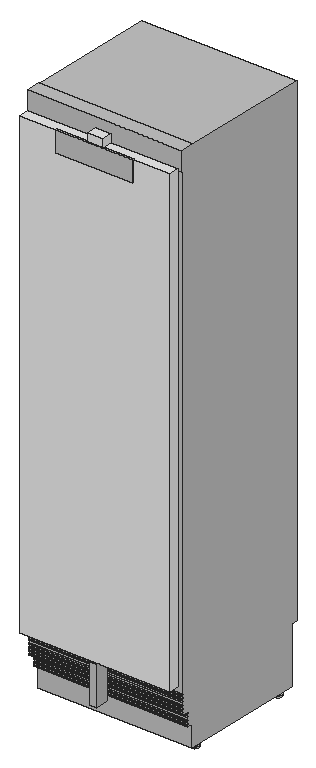
Revit family "FP_Revit_18_RS6121SRHK1_Fridge_90001103A", category Specialty Equipment, Revit 2018
Family settings
  Round Connector Dimension = Use Diameter
  Part Type = Normal
  OmniClass Number = 23.40.40.11.11
  OmniClass Title = Refrigerators and Freezers
  Work Plane-Based = No
  Always vertical = Yes
  Cut with Voids When Loaded = Yes
  Shared = No
  Room Calculation Point = No
Parameters (values of type "RS6121SRHK1")
  Visibility - Water Connection = yes
  Visibility - Visibility Control Note = yes
  Visibility - Clearance Required = yes
  URL = "www.fisherpaykel.com"
  Stainless Steel Door Panels (RD6121R10D) = no
  Product - Width = 603 mm  # constant formula
  Product - Height = 2134 mm  # constant formula
  Product - Depth (exl front panel) = 610 mm  # constant formula
  Model = "RS6121SRHK1"
  Material - Handle = Fisher & Paykel - Aluminium
  Material - Door Structure = Fisher & Paykel - White
  Material - Door Front = Fisher & Paykel - Stainless Steel
  Material - Body = Fisher & Paykel - Grey
  Manufacturer = "Fisher & Paykel Appliances"
  Handle Style - Contemporary Square (AHD3-RD21) = no
  Handle Style - Contemporary Round (AHS-RD21) = no
  Description = "61cm Integrated Column Refrigerator with internal water, stainless steel interior"
  Connector Description - Water = "1/2 BSP Stainless steel braided hose"
  Connector Description - Electrical = "230 V, 10 amp fused electrical supply"
  Cavity - Width = 610 mm  # constant formula
  Cavity - Height = 2134 mm  # constant formula
  Cavity - Depth = 650 mm  # constant formula
Types (3, lengths in mm): name | Visibility - Water Connection | Model | Description | Connector Description - Water
  (no name) | yes | "RS6121SRHK1" | "61cm Integrated Column Refrigerator with internal water, stainless steel interior" | "1/2 BSP Stainless steel braided hose"
  RS6121SRK1 | no | "RS6121SRK1" | "61cm Integrated Column Refrigerator, stainless steel interior" | "Water Supply not required"
  RS6121SRHK1 | yes | "RS6121SRHK1" | "61cm Integrated Column Refrigerator with internal water, stainless steel interior" | "1/2 BSP Stainless steel braided hose"
Reference planes
  plane 1 "Datum": y = 0
  plane 2: z = 0
  plane 3 "Center (Left/Right)": x = 0
  plane 4 "Product LHS": x = -301.5
  plane 5 "Product RHS": x = 301.5
  plane 6 "Product - Depth": y = 610
  plane 7 "Cavity LHS": x = -305
  plane 8 "Cavity RHS": x = 305
  plane 9 "Cavity - Depth": y = 628
  plane 10 "Handle Offset": x = -238.5
  plane 11 "Product Height": z = 2134
  plane 12 "Cavity Height": z = 2134
  plane 13 "Door Panel Datum": y = -4.1
Forms (mm)
  Extrusion 1, solid, material "Fisher & Paykel - Grey" <- "Material - Body", detail levels fine
    sketch origin (0, 0, 0) x (0, 1, 0) y (0, 0, 1)
      loop
        line (100.1, 19.1) -> (587.9, 19.1) -> (587.9, 239.7) -> (610, 239.7) -> (610, 2131.9) -> (105.1, 2131.9) -> (105.1, 2134) -> (49.9, 2134) -> (49.9, 2059) -> (56, 2059) -> (56, 228.6) -> (59.5, 228.6) -> (59.5, 219.7) -> (56.5, 219.7) -> (56.5, 215.9) -> (59.5, 215.9) -> (59.5, 207) -> (56.5, 207) -> (56.5, 203.2) -> (59.5, 203.2) -> (59.5, 194.3) -> (56.5, 194.3) -> (56.5, 190.5) -> (59.5, 190.5) -> (59.5, 181.6) -> (56.5, 181.6) -> (56.5, 177.8) -> (59.5, 177.8) -> (59.5, 168.9) -> (56.5, 168.9) -> (56.5, 165.1) -> (59.5, 165.1) -> (59.5, 156.2) -> (56.5, 156.2) -> (56.5, 152.4) -> (84.1, 152.4) -> (84.1, 143.5) -> (81.1, 143.5) -> (81.1, 139.7) -> (84.1, 139.7) -> (84.1, 130.8) -> (81.1, 130.8) -> (81.1, 127) -> (84.1, 127) -> (84.1, 118.1) -> (81.1, 118.1) -> (81.1, 114.3) -> (84.1, 114.3) -> (84.1, 105.4) -> (81.1, 105.4) -> (81.1, 101.6) -> (100.1, 101.6) -> (100.1, 19.1)
    from -301.5 to 301.5
  Extrusion 2, solid, material "Fisher & Paykel - Grey" <- "Material - Body"
    sketch origin (0, 0, 0) x (1, 0, 0) y (0, 1, 0)
      loop
        circle (-281, 547.8) r 4.1
      loop
        circle (-281, 141.8) r 4.1
      loop
        circle (281, 547.8) r 4.1
      loop
        circle (281, 141.8) r 4.1
    from 3 to 19.1
  Extrusion 3, solid, material "Fisher & Paykel - Grey" <- "Material - Body"
    sketch origin (0, 0, 0) x (1, 0, 0) y (0, 1, 0)
      loop
        circle (-281, 547.8) r 14.5
      loop
        circle (-281, 141.8) r 14.555
      loop
        circle (281, 547.8) r 14.5
      loop
        circle (281, 141.8) r 14.555
    from 0 to 3
  Extrusion 4, solid, material "Fisher & Paykel - Grey" <- "Material - Body", detail levels fine
    sketch origin (0, 0, 0) x (1, 0, 0) y (0, 1, 0)
      loop
        line (-7.5, 49) -> (-13.797, -4.1) -> (13.797, -4.1) -> (7.5, 49) -> (-7.5, 49)
    from 104.2 to 254.2
  Extrusion 5, solid, material "Fisher & Paykel - Grey" <- "Material - Body", not visible, detail levels fine
    sketch origin (0, 0, 0) x (1, 0, 0) y (0, 0, 1)
      loop
        line (289.9, 2123.15) -> (95.42, 2123.15) -> (95.42, 2081.05) -> (289.9, 2081.05) -> (289.9, 2123.15)
    from -49 to -2.5
  Extrusion 6, solid, material "Fisher & Paykel - Grey" <- "Material - Body", detail levels fine
    sketch origin (0, 0, 0) x (0, 1, 0) y (0, 0, 1)
      loop
        line (0, 2070.6) -> (0, 1988.6) -> (2, 1988.6) -> (2, 2068.6) -> (4, 2068.6) -> (4, 2070.6) -> (0, 2070.6)
    from -150 to 150
  Extrusion 7, solid, material "Fisher & Paykel - Grey" <- "Material - Body"
    sketch origin (0, 0, 0) x (1, 0, 0) y (0, 0, 1)
      loop
        circle (226.5, 119.813) r 5
      loop
        circle (-226.5, 119.813) r 5
    from -590 to -587.9
  Extrusion 8, solid, material "Fisher & Paykel - White" <- "Material - Door Structure"
    sketch origin (0, 0, 0) x (1, 0, 0) y (0, 1, 0)
      loop
        line (-276.5, 56) -> (-276.5, 42) -> (276.5, 42) -> (276.5, 56) -> (-276.5, 56)
    from 269.6 to 2030.7
  Extrusion 9, solid, material "Fisher & Paykel - White" <- "Material - Door Structure"
    sketch origin (0, 0, 0) x (1, 0, 0) y (0, 1, 0)
      loop
        line (-292.9, 42) -> (-292.9, 3) -> (292.9, 3) -> (292.9, 42) -> (-292.9, 42)
    from 254.2 to 2068.6
  Extrusion 10, solid, material "Fisher & Paykel - White" <- "Material - Door Structure", detail levels fine
    sketch origin (0, 0, 0) x (1, 0, 0) y (0, 0, 1)
      loop
        line (-29.5, 2100.1) -> (-29.5, 2068.6) -> (29.5, 2068.6) -> (29.5, 2100.1) -> (-29.5, 2100.1)
    from -42 to -3
  Extrusion 11, solid, material "Fisher & Paykel - Stainless Steel" <- "Material - Door Front", visible <- "Stainless Steel Door Panels (RD6121R10D)"
    sketch origin (0, 0, 0) x (0, 1, 0) y (0, 0, 1)
      loop
        line (-22.1, 2130.8) -> (-22.1, 102) -> (-4.1, 102) -> (-4.1, 2130.8) -> (-22.1, 2130.8)
    from -301.5 to 301.5
  Extrusion 12, solid, material "Fisher & Paykel - Grey" <- "Material - Body", detail levels coarse+medium
    sketch origin (0, 0, 0) x (0, 1, 0) y (0, 0, 1)
      loop
        line (49.9, 2134) -> (49.9, 2059) -> (56, 2059) -> (56, 152.4) -> (81.1, 152.4) -> (81.1, 101.6) -> (100.1, 101.6) -> (100.1, 19.1) -> (587.9, 19.1) -> (587.9, 239.7) -> (610, 239.7) -> (610, 2134) -> (49.9, 2134)
    from -301.5 to 301.5
  Extrusion 13, solid, material "Fisher & Paykel - Clearance Required", visible <- "Visibility - Clearance Required", detail levels coarse
    sketch origin (0, 0, 0) x (1, 0, 0) y (0, 1, 0)
      loop
        arc (-301.5, -22.1) -> (-13.376, -547.171) -> (584.28, -586.183) r 622.5
        line (584.28, -586.183) -> (565.051, -544.946) -> (589.549, -533.523)
        arc (589.549, -533.523) -> (598.013, -510.267) -> (574.757, -501.802) r 17.5
        line (574.757, -501.802) -> (550.259, -513.225) -> (329.441, -39.678)
        arc (329.441, -39.678) -> (310.616, -38.605) -> (301.5, -22.1) r 19.5
        line (301.5, -22.1) -> (-301.5, -22.1)
    from 0 to 2134
  Extrusion 14, solid, material "Fisher & Paykel - Grey" <- "Material - Body", not visible, detail levels fine
    sketch origin (0, 0, 0) x (1, 0, 0) y (0, 0, 1)
      loop
        line (289.9, 187.65) -> (289.9, 229.75) -> (95.42, 229.75) -> (95.42, 187.65) -> (289.9, 187.65)
    from -56 to -2.5
  Extrusion 15, solid, material "Fisher & Paykel - Grey" <- "Material - Body", detail levels fine
    sketch origin (0, 0, -4) x (0, 1, 0) y (0, 0, 1)
      loop
        arc (163.888, 23.1) -> (180.4, 13.63) -> (196.912, 23.1) r 19.13
        line (196.912, 23.1) -> (163.888, 23.1)
      loop
        arc (493.888, 23.1) -> (510.4, 13.63) -> (526.912, 23.1) r 19.13
        line (526.912, 23.1) -> (493.888, 23.1)
    from 191 to 219
  Extrusion 16, solid, material "Fisher & Paykel - Grey" <- "Material - Body", detail levels fine
    sketch origin (0, 0, -4) x (0, 1, 0) y (0, 0, -1)
      loop
        line (163.888, -23.1) -> (196.912, -23.1)
        arc (196.912, -23.1) -> (180.4, -13.63) -> (163.888, -23.1) r 19.13
      loop
        line (493.888, -23.1) -> (526.912, -23.1)
        arc (526.912, -23.1) -> (510.4, -13.63) -> (493.888, -23.1) r 19.13
    from 191 to 219
  Extrusion 17, solid, material "Fisher & Paykel - Clearance Required", visible <- "Visibility - Clearance Required", detail levels coarse
    sketch origin (0, 0, 0) x (1, 0, 0) y (0, 1, 0)
      loop
        line (-305, 628) -> (-305, -4.1) -> (305, -4.1) -> (305, 628) -> (-305, 628)
    from 0 to 2134
  Extrusion 18, void
    sketch origin (0, 0, 0) x (1, 0, 0) y (0, 1, 0)
      loop
        line (-305, 628) -> (-305, -22) -> (305, -22) -> (305, 628) -> (-305, 628)
    from 0 to 2134
  Extrusion 19, solid, material "Fisher & Paykel - Grey" <- "Material - Body", not visible, detail levels fine
    sketch origin (0, 0, 0) x (1, 0, 0) y (0, 0, 1)
      loop
        line (118.4, 254.2) -> (118.4, 229.75) -> (282.9, 229.75) -> (282.9, 254.2) -> (118.4, 254.2)
      loop
        line (106, 2081.05) -> (106, 2068.6) -> (282.9, 2068.6) -> (282.9, 2076.05) -> (242.9, 2081.05) -> (106, 2081.05)
    from -7 to -4
Lines and regions (mm)
  model lines, style "Fisher & Paykel"
    curve 1: line (-301.5, -4.1, 2130.8) -> (301.5, -4.1, 2130.8)
    curve 2: line (-301.5, -4.1, 102) -> (-301.5, -4.1, 2130.8)
    curve 3: line (301.5, -4.1, 102) -> (-301.5, -4.1, 102)
    curve 4: line (301.5, -4.1, 2130.8) -> (301.5, -4.1, 102)
Text (mm)
  text "Due to ongoing product development, product details are subject to change without notice. \nPlease always refer to www.fisherpaykel.com for the most current product information. \n© Fisher & Paykel 2020" at (41.04, -678.295, 0), in view "Ref. Level (Plan)"
Dimensions and locks
  equal spacing: plane 4 "Product LHS", plane 3 "Center (Left/Right)", plane 5 "Product RHS"
  "Product - Width": plane 4 "Product LHS" to plane 5 "Product RHS"
  "Product - Depth (exl front panel)": plane 1 "Datum" to plane 6 "Product - Depth"
  equal spacing: plane 7 "Cavity LHS", plane 3 "Center (Left/Right)", plane 8 "Cavity RHS"
  "Cavity - Width": plane 7 "Cavity LHS" to plane 8 "Cavity RHS"
  plane 4 "Product LHS" to Extrusion 2 sketch curve = 24.6 mm
  plane 4 "Product LHS" to plane 10 "Handle Offset" = 63 mm
  Extrusion 7 sketch curve to Extrusion 1 = 119.887 mm  (x2)
  Extrusion 7 sketch curve to plane 5 "Product RHS" = 75 mm
  plane 4 "Product LHS" to Extrusion 7 sketch curve = 75 mm
  Extrusion 1 sketch curve to Extrusion 1 sketch curve = 82.5 mm
  Extrusion 1 sketch curve to Extrusion 1 sketch curve = 209.5 mm
  Extrusion 3 to level = 3 mm
  Extrusion 12 to Extrusion 9 = 235.1 mm
  Extrusion 12 to Extrusion 8 = 250.5 mm
  Extrusion 12 to Extrusion 12 = 2114.9 mm
  Extrusion 12 to Extrusion 11 = 82.9 mm
  "Product - Height": level to plane 11 "Product Height"
  plane 11 "Product Height" to Extrusion 11 = 3.2 mm
  Extrusion 9 to plane 11 "Product Height" = 65.4 mm
  Extrusion 8 to plane 11 "Product Height" = 103.3 mm
  Extrusion 12 sketch curve to plane 11 "Product Height" = 75 mm
  Extrusion 1 sketch curve to plane 11 "Product Height" = 2.1 mm
  Extrusion 1 sketch curve to plane 11 "Product Height" = 75 mm
  "Cavity - Height": plane 12 "Cavity Height" to level
  plane 1 "Datum" to Extrusion 17 = 628 mm
  plane 1 "Datum" to Extrusion 18 = 628 mm
  Extrusion 19 sketch curve to Extrusion 19 sketch curve = 40 mm
  Extrusion 19 sketch curve to plane 3 "Center (Left/Right)" = 106 mm
  Extrusion 19 sketch curve to Extrusion 19 sketch curve = 176.9 mm
  Extrusion 19 sketch curve to plane 3 "Center (Left/Right)" = 118.4 mm
  plane 3 "Center (Left/Right)" to Extrusion 19 sketch curve = 282.9 mm
  "Cavity - Depth": Extrusion 18 to Extrusion 18
  Extrusion 18 to plane 1 "Datum" = 22 mm
  radius of Extrusion 7 sketch curve = 5 mm
  aligned and locked: level to plane 2
  aligned and locked: Extrusion 11 to plane 5 "Product RHS"
  aligned and locked: plane 4 "Product LHS" to Extrusion 11
  aligned and locked: Extrusion 12 to plane 5 "Product RHS"
  aligned and locked: Extrusion 12 to plane 4 "Product LHS"
  aligned and locked: Extrusion 12 sketch curve to plane 11 "Product Height"
  aligned and locked: plane 11 "Product Height" to Extrusion 1 sketch curve
  aligned and locked: Extrusion 15 sketch curve to Extrusion 15 sketch curve
  aligned and locked: Extrusion 16 sketch curve to Extrusion 16 sketch curve
  aligned and locked: Extrusion 17 to Extrusion 13
  aligned and locked: Extrusion 18 to Extrusion 13
  aligned and locked: Extrusion 1 to plane 5 "Product RHS"
  aligned and locked: plane 4 "Product LHS" to Extrusion 1
  aligned and locked: Extrusion 2 to Extrusion 1
  aligned and locked: nested 3 to plane 10 "Handle Offset"
  aligned and locked: nested 2 to plane 10 "Handle Offset"
Automatic sketch dimensions
  Extrusion 2 sketch curve to plane 4 "Product LHS" = 20.5 mm  (x2)
  plane 5 "Product RHS" to Extrusion 2 sketch curve = 20.5 mm  (x2)
  Extrusion 2 sketch curve to plane 1 "Datum" = 141.8 mm  (x2)
  Extrusion 2 sketch curve to plane 6 "Product - Depth" = 62.2 mm  (x2)
  Extrusion 3 sketch curve to plane 4 "Product LHS" = 20.5 mm  (x2)
  plane 5 "Product RHS" to Extrusion 3 sketch curve = 20.5 mm  (x2)
  Extrusion 3 sketch curve to plane 1 "Datum" = 141.8 mm  (x2)
  Extrusion 3 sketch curve to plane 6 "Product - Depth" = 62.2 mm  (x2)
  plane 1 "Datum" to Extrusion 4 sketch curve = 4.1 mm
  Extrusion 4 sketch curve to plane 3 "Center (Left/Right)" = 13.797 mm
  Extrusion 4 sketch curve to plane 3 "Center (Left/Right)" = 7.5 mm
  plane 3 "Center (Left/Right)" to Extrusion 4 sketch curve = 7.5 mm
  plane 3 "Center (Left/Right)" to Extrusion 4 sketch curve = 13.797 mm
  Extrusion 4 sketch curve to plane 1 "Datum" = 49 mm
  plane 11 "Product Height" to Extrusion 5 sketch curve = 10.85 mm
  plane 3 "Center (Left/Right)" to Extrusion 5 sketch curve = 95.42 mm
  plane 5 "Product RHS" to Extrusion 5 sketch curve = 11.6 mm
  Extrusion 5 sketch curve to Extrusion 5 sketch curve = 42.1 mm
  Extrusion 6 sketch curve to plane 1 "Datum" = 0 mm
  Extrusion 6 sketch curve to plane 1 "Datum" = 2 mm
  Extrusion 6 sketch curve to Extrusion 6 sketch curve = 2 mm  (x2)
  plane 11 "Product Height" to Extrusion 6 sketch curve = 145.4 mm
  plane 11 "Product Height" to Extrusion 6 sketch curve = 65.4 mm
  Extrusion 8 sketch curve to plane 4 "Product LHS" = 25 mm
  plane 5 "Product RHS" to Extrusion 8 sketch curve = 25 mm
  Extrusion 8 sketch curve to plane 1 "Datum" = 42 mm
  Extrusion 8 sketch curve to Extrusion 8 sketch curve = 14 mm
  Extrusion 9 sketch curve to plane 1 "Datum" = 3 mm
  Extrusion 9 sketch curve to plane 4 "Product LHS" = 8.6 mm
  plane 5 "Product RHS" to Extrusion 9 sketch curve = 8.6 mm
  Extrusion 9 sketch curve to Extrusion 9 sketch curve = 39 mm
  Extrusion 10 sketch curve to plane 3 "Center (Left/Right)" = 29.5 mm
  plane 3 "Center (Left/Right)" to Extrusion 10 sketch curve = 29.5 mm
  plane 11 "Product Height" to Extrusion 10 sketch curve = 65.4 mm
  Extrusion 10 sketch curve to Extrusion 10 sketch curve = 31.5 mm
  plane 1 "Datum" to Extrusion 11 sketch curve = 22.1 mm
  plane 1 "Datum" to Extrusion 11 sketch curve = 4.1 mm
  level to Extrusion 11 sketch curve = 102 mm
  plane 11 "Product Height" to Extrusion 11 sketch curve = 3.2 mm
  Extrusion 13 sketch curve to Extrusion 13 sketch curve = 0 mm  (x2)
  Extrusion 13 sketch curve to plane 4 "Product LHS" = 0 mm
  Extrusion 13 sketch curve to plane 5 "Product RHS" = 0 mm
  Extrusion 13 sketch curve to plane 8 "Cavity RHS" = 16 mm
  Extrusion 13 sketch curve to Extrusion 13 sketch curve = 8.441 mm
  Extrusion 13 sketch curve to plane 8 "Cavity RHS" = 245.259 mm
  Extrusion 13 sketch curve to Extrusion 13 sketch curve = 14.792 mm
  Extrusion 13 sketch curve to Extrusion 13 sketch curve = 24.498 mm
  Extrusion 13 sketch curve to Extrusion 13 sketch curve = 7.396 mm  (x2)
  Extrusion 13 sketch curve to Extrusion 13 sketch curve = 19.229 mm
  plane 1 "Datum" to Extrusion 13 sketch curve = 586.183 mm
  Extrusion 13 sketch curve to Extrusion 13 sketch curve = 41.237 mm
  Extrusion 13 sketch curve to Extrusion 13 sketch curve = 15.86 mm
  plane 3 "Center (Left/Right)" to Extrusion 14 sketch curve = 95.42 mm
  plane 5 "Product RHS" to Extrusion 14 sketch curve = 11.6 mm
  level to Extrusion 14 sketch curve = 187.65 mm
  Extrusion 14 sketch curve to Extrusion 14 sketch curve = 42.1 mm
  Extrusion 15 sketch curve to plane 1 "Datum" = 163.888 mm
  Extrusion 15 sketch curve to Extrusion 15 sketch curve = 16.512 mm  (x2)
  Extrusion 15 sketch curve to plane 6 "Product - Depth" = 116.112 mm
  Extrusion 15 sketch curve to Extrusion 15 sketch curve = 9.66 mm  (x2)
  Extrusion 16 sketch curve to plane 1 "Datum" = 163.888 mm
  Extrusion 16 sketch curve to Extrusion 16 sketch curve = 16.512 mm  (x2)
  Extrusion 16 sketch curve to plane 6 "Product - Depth" = 116.112 mm
  Extrusion 16 sketch curve to Extrusion 16 sketch curve = 9.66 mm  (x2)
  Extrusion 17 sketch curve to plane 7 "Cavity LHS" = 0 mm
  Extrusion 17 sketch curve to plane 8 "Cavity RHS" = 0 mm
  Extrusion 17 sketch curve to plane 9 "Cavity - Depth" = 0 mm
  plane 1 "Datum" to Extrusion 17 sketch curve = 4.1 mm
  Extrusion 18 sketch curve to plane 7 "Cavity LHS" = 0 mm
  Extrusion 18 sketch curve to plane 8 "Cavity RHS" = 0 mm
  plane 9 "Cavity - Depth" to Extrusion 18 sketch curve = 0 mm
  plane 1 "Datum" to Extrusion 18 sketch curve = 22 mm
  level to Extrusion 19 sketch curve = 229.75 mm
  Extrusion 19 sketch curve to Extrusion 19 sketch curve = 24.45 mm
  plane 11 "Product Height" to Extrusion 19 sketch curve = 65.4 mm
  Extrusion 19 sketch curve to Extrusion 19 sketch curve = 7.45 mm
  Extrusion 19 sketch curve to Extrusion 19 sketch curve = 5 mm
  Extrusion 12 sketch curve to plane 6 "Product - Depth" = 0 mm
  Extrusion 12 sketch curve to plane 6 "Product - Depth" = 22.1 mm
  Extrusion 12 sketch curve to plane 1 "Datum" = 100.1 mm
  Extrusion 12 sketch curve to Extrusion 12 sketch curve = 19 mm
  Extrusion 12 sketch curve to plane 1 "Datum" = 56 mm
  Extrusion 12 sketch curve to plane 1 "Datum" = 49.9 mm
  level to Extrusion 12 sketch curve = 152.4 mm
  Extrusion 12 sketch curve to Extrusion 12 sketch curve = 50.8 mm
  level to Extrusion 12 sketch curve = 19.1 mm
  Extrusion 12 sketch curve to Extrusion 12 sketch curve = 220.6 mm
  level to Extrusion 15 sketch curve = 19.1 mm
  level to Extrusion 16 sketch curve = 28.76 mm
  Extrusion 1 sketch curve to plane 6 "Product - Depth" = 0 mm
  Extrusion 1 sketch curve to Extrusion 1 sketch curve = 22.1 mm
  Extrusion 1 sketch curve to plane 1 "Datum" = 105.1 mm
  level to Extrusion 1 sketch curve = 19.1 mm
  Extrusion 1 sketch curve to plane 1 "Datum" = 100.1 mm
  Extrusion 1 sketch curve to Extrusion 1 sketch curve = 16 mm
  Extrusion 1 sketch curve to Extrusion 1 sketch curve = 0 mm  (x8)
  Extrusion 1 sketch curve to Extrusion 1 sketch curve = 3 mm  (x10)
  Extrusion 1 sketch curve to plane 1 "Datum" = 59.5 mm
  Extrusion 1 sketch curve to plane 1 "Datum" = 56 mm
  Extrusion 1 sketch curve to plane 1 "Datum" = 49.9 mm
  Extrusion 1 sketch curve to Extrusion 1 sketch curve = 3.8 mm  (x10)
  Extrusion 1 sketch curve to Extrusion 1 sketch curve = 8.9 mm  (x9)
  Extrusion 1 sketch curve to Extrusion 1 sketch curve = 220.6 mm
  plane 5 "Product RHS" to curve 1 = 0 mm
  plane 4 "Product LHS" to curve 3 = 0 mm
  level to curve 3 = 102 mm
  plane 11 "Product Height" to curve 2 = 3.2 mm
  radius of Extrusion 2 sketch curve = 4.1 mm  (x3)
  radius of Extrusion 3 sketch curve = 14.5 mm  (x2)
  radius of Extrusion 3 sketch curve = 14.555 mm  (x2)
  radius of Extrusion 7 sketch curve = 5 mm
Nested families
  nested 1: "Visibility Control Note 18" at (0, 0, 0), visible <- "Visibility - Visibility Control Note", type "Visibility Control Note 18"
  nested 2: "Handle Contemporary Round - Vertical" at (-238.5, -22.1, 1242.58), visible <- "Handle Style - Contemporary Round (AHS-RD21)", type "AHS-RD21 - Contemporary round handle (Vertical) 852mm"
  nested 3: "Handle Contemporary Square - Vertical" at (-238.5, -22.1, 1242.58), visible <- "Handle Style - Contemporary Square (AHD3-RD21)", type "AHD3-RD21 - Contemporary square handle (Vertical) 852mm"
Connectors
  electrical at (-226.5, 590, 119.813), driven by "Connector Description - Electrical"
    settings: on Extrusion 7, index 1, voltage 230 V, apparent load 0 VA, apparent load phase1 0 VA, apparent load phase2 0 VA, apparent load phase3 0 VA, power factor 1, load classification "Other", number of poles 1, system type 30, power factor state 1, is connector primary yes, connector utility no, sub classification motor no, connector description "230 V, 10 amp fused electrical supply"
  piping at (226.5, 590, 119.813), diameter 12.7, driven by "Connector Description - Water", driven by "Visibility - Water Connection"
    settings: on Extrusion 7, index 2, connector inside diameter 609.6 mm, connector length 0 mm, flow factor 0, pipe flow 0.0 L/s, pressure drop 0.0 Pa, fitting loss kfactor 0, connector angle 0.00°, fixture units 0, engagement length 0 mm, angle of deflection 0.00°, flow configuration 0, flow direction 1, fitting loss method 0, system type 20, joint type 0, gender type 0, connector reference index -1, connector utility 1, adjustable connector no, is connector primary yes, connector description "1/2 BSP Stainless steel braided hose"
Definition of nested family "Handle Contemporary Round - Vertical"
  Parameters (values of type "AHSRS80A - Contemporary round handle (1 of 2) (Vertical) 727mm")
    URL = "www.fisherpaykel.com"
    Material - Handle = none
    Manufacturer = "Fisher & Paykel Appliances"
    Handle - Length = 727 mm
  Types (6, lengths in mm): name | Handle - Length
    AHS-RD21 - Contemporary round handle (Vertical) 852mm | 852
    AHSRD2484W - Contemporary round handle (1 of 2) (Vertical) 727mm | 727
    AHSRD3084W - Contemporary round handle (1 of 2) (Vertical) 727mm | 727
    AHS-RD84 - Contemporary round handle (Vertical) 852mm | 852
    AHSRS3272A - Contemporary round handle (1 of 2) (Vertical) 727mm | 727
    AHSRS80A - Contemporary round handle (1 of 2) (Vertical) 727mm | 727
  Reference planes
    plane 1 "Center (Front/Back)": y = 0
    plane 2: z = 0
    plane 3 "Center (Left/Right)": x = 0
    plane 4 "Top": z = 363.5
    plane 5 "Bottom": z = -363.5
    plane 6 "Top Standoff": z = 243.5
    plane 7 "Bottom Standoff": z = -243.5
  Forms (mm)
    Extrusion 1, solid, material <- "Material - Handle"
      sketch origin (0, 0, 0) x (1, 0, 0) y (0, 1, 0)
        loop
          circle (0, -32.3) r 8.7
      from -243.5 to 243.5
    Extrusion 2, solid, material <- "Material - Handle", detail levels fine
      sketch origin (0, 0, 0) x (1, 0, 0) y (0, 1, 0)
        loop
          line (-8.7, 0) -> (-8.7, -32.3)
          arc (-8.7, -32.3) -> (0, -41) -> (8.7, -32.3) r 8.7
          line (8.7, -32.3) -> (8.7, 0) -> (-8.7, 0)
      from 243.5 to 363.5
    Extrusion 3, solid, material <- "Material - Handle", detail levels fine
      sketch origin (0, 0, 0) x (1, 0, 0) y (0, 1, 0)
        loop
          line (-8.7, 0) -> (-8.7, -32.3)
          arc (-8.7, -32.3) -> (0, -41) -> (8.7, -32.3) r 8.7
          line (8.7, -32.3) -> (8.7, 0) -> (-8.7, 0)
      from -363.5 to -243.5
    Sweep 4, void
      path in 3D
        loop
          line (8.7, 0, -363.5) -> (8.7, -32.3, -363.5)
          arc (8.7, -32.3, -363.5) -> (0, -41, -363.5) -> (-8.7, -32.3, -363.5) r 8.7
          line (-8.7, -32.3, -363.5) -> (-8.7, 0, -363.5)
      profile origin (8.7, -16.15, -363.5) x (-1, 0, 0) y (0, 0, -1)
        loop
          line (0, 0) -> (0, -1) -> (1, 0) -> (0, 0)
    Sweep 5, void
      path in 3D
        loop
          line (-8.7, 0, 363.5) -> (-8.7, -32.3, 363.5)
          arc (-8.7, -32.3, 363.5) -> (0, -41, 363.5) -> (8.7, -32.3, 363.5) r 8.7
          line (8.7, -32.3, 363.5) -> (8.7, 0, 363.5)
      profile origin (8.7, -16.15, 363.5) x (-1, 0, 0) y (0, 0, 1)
        loop
          line (0, 0) -> (0, -1) -> (1, 0) -> (0, 0)
    Extrusion 6, solid, material <- "Material - Handle", detail levels coarse+medium
      sketch origin (0, 0, 0) x (1, 0, 0) y (0, 1, 0)
        loop
          line (-8.7, 0) -> (-8.7, -32.3)
          arc (-8.7, -32.3) -> (0, -41) -> (8.7, -32.3) r 8.7
          line (8.7, -32.3) -> (8.7, 0) -> (-8.7, 0)
      from 243.5 to 363.5
    Extrusion 7, solid, material <- "Material - Handle", detail levels coarse+medium
      sketch origin (0, 0, 0) x (1, 0, 0) y (0, 1, 0)
        loop
          line (-8.7, 0) -> (-8.7, -32.3)
          arc (-8.7, -32.3) -> (0, -41) -> (8.7, -32.3) r 8.7
          line (8.7, -32.3) -> (8.7, 0) -> (-8.7, 0)
      from -363.5 to -243.5
  Cuts and joins
    Sweep 4 cuts Extrusion 3
    Sweep 5 cuts Extrusion 2
  Lines and regions (mm)
    sketch lines
      curve 1: line (8.7, 0, -363.5) -> (8.7, -32.3, -363.5)
      curve 2: arc (-8.7, -32.3, -363.5) -> (0, -41, -363.5) -> (8.7, -32.3, -363.5) r 8.7
      curve 3: line (-8.7, -32.3, -363.5) -> (-8.7, 0, -363.5)
      curve 4: line (8.7, -32.3, 363.5) -> (8.7, 0, 363.5)
      curve 5: arc (8.7, -32.3, 363.5) -> (0, -41, 363.5) -> (-8.7, -32.3, 363.5) r 8.7
      curve 6: line (-8.7, 0, 363.5) -> (-8.7, -32.3, 363.5)
  Dimensions and locks
    equal spacing: plane 4 "Top", level, plane 5 "Bottom"
    "Handle - Length": plane 4 "Top" to plane 5 "Bottom"
    locked: plane 4 "Top" to plane 6 "Top Standoff" at 120
    locked: plane 7 "Bottom Standoff" to plane 5 "Bottom" at 120
    Extrusion 2 sketch curve to Extrusion 2 sketch curve = 17.4 mm
    Extrusion 3 sketch curve to Extrusion 3 sketch curve = 17.4 mm
    Extrusion 6 sketch curve to Extrusion 6 sketch curve = 17.4 mm
    Extrusion 7 sketch curve to Extrusion 7 sketch curve = 17.4 mm
    aligned and locked: level to plane 2
    aligned and locked: plane 4 "Top" to Extrusion 2
    aligned and locked: Extrusion 3 to plane 5 "Bottom"
    aligned and locked: plane 7 "Bottom Standoff" to Extrusion 3
    aligned and locked: Extrusion 1 to plane 7 "Bottom Standoff"
    aligned and locked: plane 6 "Top Standoff" to Extrusion 1
    aligned and locked: Extrusion 2 to Extrusion 1
    aligned and locked: Extrusion 6 to Extrusion 1
    aligned and locked: plane 4 "Top" to Extrusion 6
    aligned and locked: Extrusion 7 to Extrusion 1
    aligned and locked: Extrusion 7 to plane 5 "Bottom"
  Automatic sketch dimensions
    Extrusion 1 sketch curve to plane 3 "Center (Left/Right)" = 0 mm
    plane 1 "Center (Front/Back)" to Extrusion 1 sketch curve = 32.3 mm
    plane 1 "Center (Front/Back)" to Extrusion 2 sketch curve = 0 mm
    Extrusion 2 sketch curve to plane 3 "Center (Left/Right)" = 0 mm
    Extrusion 2 sketch curve to plane 3 "Center (Left/Right)" = 8.7 mm
    plane 1 "Center (Front/Back)" to Extrusion 2 sketch curve = 32.3 mm
    plane 1 "Center (Front/Back)" to Extrusion 3 sketch curve = 0 mm
    Extrusion 3 sketch curve to plane 3 "Center (Left/Right)" = 0 mm
    Extrusion 3 sketch curve to plane 3 "Center (Left/Right)" = 8.7 mm
    plane 1 "Center (Front/Back)" to Extrusion 3 sketch curve = 32.3 mm
    Sweep 4 sketch curve to profile plane = 0 mm  (x2)
    Sweep 4 sketch curve to profile plane = 1 mm  (x2)
    Sweep 5 sketch curve to profile plane = 0 mm  (x2)
    Sweep 5 sketch curve to profile plane = 1 mm  (x2)
    Extrusion 6 sketch curve to plane 3 "Center (Left/Right)" = 0 mm
    Extrusion 6 sketch curve to plane 3 "Center (Left/Right)" = 8.7 mm
    plane 1 "Center (Front/Back)" to Extrusion 6 sketch curve = 32.3 mm
    Extrusion 6 sketch curve to Extrusion 6 sketch curve = 32.3 mm
    Extrusion 7 sketch curve to plane 3 "Center (Left/Right)" = 0 mm
    Extrusion 7 sketch curve to plane 3 "Center (Left/Right)" = 8.7 mm
    plane 1 "Center (Front/Back)" to Extrusion 7 sketch curve = 32.3 mm
    Extrusion 7 sketch curve to Extrusion 7 sketch curve = 32.3 mm
    radius of Extrusion 1 sketch curve = 8.7 mm
Definition of nested family "Handle Contemporary Square - Vertical"
  Parameters (values of type "AHD3RS80A - Contemporary square handle (1 of 2) (Vertical) 727mm")
    URL = "www.fisherpaykel.com"
    Material - Handle = none
    Manufacturer = "Fisher & Paykel Appliances"
    Handle - Length = 727 mm
  Types (7, lengths in mm): name | Handle - Length
    (no name) | 727
    AHD3-RD21 - Contemporary square handle (Vertical) 852mm | 852
    AHD3RD2484W - Contemporary square handle (1 of 2) (Vertical) 727mm | 727
    AHD3RD3084W - Contemporary square handle (1 of 2) (Vertical) 727mm | 727
    AHD3-RD84 - Contemporary square handle (Vertical) 852mm | 852
    AHD3RS3272A - Contemporary square handle (1 of 2) (Vertical) 727mm | 727
    AHD3RS80A - Contemporary square handle (1 of 2) (Vertical) 727mm | 727
  Reference planes
    plane 1 "Center (Front/Back)": y = 0
    plane 2: z = 0
    plane 3 "Center (Left/Right)": x = 0
    plane 4 "Top": z = 363.5
    plane 5 "Bottom": z = -363.5
    plane 6 "Top Standoff": z = 243.5
    plane 7 "Bottom Standoff": z = -243.5
  Forms (mm)
    Extrusion 1, solid, material <- "Material - Handle", detail levels fine
      sketch origin (0, 0, 0) x (1, 0, 0) y (0, 1, 0)
        loop
          arc (-7.583, -28.701) -> (-7.89, -29.057) -> (-8, -29.514) r 1
          line (-8, -29.514) -> (-8, -40.5)
          arc (-8, -40.5) -> (-7.561, -41.561) -> (-6.5, -42) r 1.5
          line (-6.5, -42) -> (6.5, -42)
          arc (6.5, -42) -> (7.561, -41.561) -> (8, -40.5) r 1.5
          line (8, -40.5) -> (8, -29.487)
          arc (8, -29.487) -> (7.889, -29.029) -> (7.58, -28.673) r 1
          arc (7.58, -28.673) -> (-0.006, -26.256) -> (-7.583, -28.701) r 13.038
      from -363.5 to 363.5
    Extrusion 2, solid, material <- "Material - Handle", detail levels fine
      sketch origin (0, 0, 0) x (1, 0, 0) y (0, 1, 0)
        loop
          arc (7.058, -28.23) -> (7.466, -28.244) -> (7.674, -27.893) r 0.4
          line (7.674, -27.893) -> (7.674, 0) -> (-7.674, 0) -> (-7.674, -27.86)
          arc (-7.674, -27.86) -> (-7.467, -28.21) -> (-7.06, -28.198) r 0.4
          arc (-7.06, -28.198) -> (0.004, -26.156) -> (7.058, -28.23) r 13.136
      from 243.5 to 363.5
    Extrusion 3, solid, material <- "Material - Handle", detail levels fine
      sketch origin (0, 0, 0) x (1, 0, 0) y (0, 1, 0)
        loop
          arc (7.058, -28.23) -> (7.466, -28.244) -> (7.674, -27.893) r 0.4
          line (7.674, -27.893) -> (7.674, 0) -> (-7.674, 0) -> (-7.674, -27.86)
          arc (-7.674, -27.86) -> (-7.467, -28.21) -> (-7.06, -28.198) r 0.4
          arc (-7.06, -28.198) -> (0.004, -26.156) -> (7.058, -28.23) r 13.136
      from -363.5 to -243.5
    Sweep 4, void
      path in 3D
        loop
          line (-8, -29.514, 363.5) -> (-8, -40.5, 363.5)
          arc (-8, -40.5, 363.5) -> (-7.561, -41.561, 363.5) -> (-6.5, -42, 363.5) r 1.5
          line (-6.5, -42, 363.5) -> (6.5, -42, 363.5)
          arc (6.5, -42, 363.5) -> (7.561, -41.561, 363.5) -> (8, -40.5, 363.5) r 1.5
          line (8, -40.5, 363.5) -> (8, -29.487, 363.5)
      profile origin (8, -34.994, 363.5) x (-1, 0, 0) y (0, 0, 1)
        loop
          line (0, 0) -> (0, -1.3) -> (1.3, 0) -> (0, 0)
    Sweep 5, void
      path in 3D
        loop
          line (8, -29.487, -363.5) -> (8, -40.5, -363.5)
          arc (8, -40.5, -363.5) -> (7.561, -41.561, -363.5) -> (6.5, -42, -363.5) r 1.5
          line (6.5, -42, -363.5) -> (-6.5, -42, -363.5)
          arc (-6.5, -42, -363.5) -> (-7.561, -41.561, -363.5) -> (-8, -40.5, -363.5) r 1.5
          line (-8, -40.5, -363.5) -> (-8, -29.514, -363.5)
      profile origin (8, -34.994, -363.5) x (-1, 0, 0) y (0, 0, -1)
        loop
          line (0, 0) -> (0, -1.3) -> (1.3, 0) -> (0, 0)
    Extrusion 6, void
      sketch origin (0, 0, 0) x (1, 0, 0) y (0, 0, 1)
        loop
          line (-8, -362.2) -> (-8, -363.5) -> (-6.7, -363.5) -> (-8, -362.2)
        loop
          line (8, -362.2) -> (6.7, -363.5) -> (8, -363.5) -> (8, -362.2)
      from 0 to 40
    Extrusion 7, void
      sketch origin (0, 0, 0) x (1, 0, 0) y (0, 0, 1)
        loop
          line (-8, 363.5) -> (-8, 362.2) -> (-6.7, 363.5) -> (-8, 363.5)
        loop
          line (8, 363.5) -> (6.7, 363.5) -> (8, 362.2) -> (8, 363.5)
      from 0 to 40
    Extrusion 8, solid, material <- "Material - Handle", detail levels coarse+medium
      sketch origin (0, 0, 0) x (0, 1, 0) y (0, 0, 1)
        loop
          line (0, 363.5) -> (-42, 363.5) -> (-42, -363.5) -> (0, -363.5) -> (0, -243.5) -> (-26.245, -243.5) -> (-26.245, 243.5) -> (0, 243.5) -> (0, 363.5)
      from -8 to 8
  Cuts and joins
    Sweep 4, Sweep 5, Extrusion 6, Extrusion 7 cuts Extrusion 1
    Extrusion 6 cuts Extrusion 3
    Extrusion 7 cuts Extrusion 2
  Lines and regions (mm)
    sketch lines
      curve 1: line (8, -40.5, 363.5) -> (8, -29.487, 363.5)
      curve 2: arc (8, -40.5, 363.5) -> (7.561, -41.561, 363.5) -> (6.5, -42, 363.5) r 1.5
      curve 3: line (-6.5, -42, 363.5) -> (6.5, -42, 363.5)
      curve 4: arc (-6.5, -42, 363.5) -> (-7.561, -41.561, 363.5) -> (-8, -40.5, 363.5) r 1.5
      curve 5: line (-8, -29.514, 363.5) -> (-8, -40.5, 363.5)
      curve 6: line (8, -29.487, -363.5) -> (8, -40.5, -363.5)
      curve 7: arc (6.5, -42, -363.5) -> (7.561, -41.561, -363.5) -> (8, -40.5, -363.5) r 1.5
      curve 8: line (6.5, -42, -363.5) -> (-6.5, -42, -363.5)
      curve 9: arc (-8, -40.5, -363.5) -> (-7.561, -41.561, -363.5) -> (-6.5, -42, -363.5) r 1.5
      curve 10: line (-8, -40.5, -363.5) -> (-8, -29.514, -363.5)
  Dimensions and locks
    equal spacing: plane 4 "Top", level, plane 5 "Bottom"
    "Handle - Length": plane 4 "Top" to plane 5 "Bottom"
    locked: plane 4 "Top" to plane 6 "Top Standoff" at 120
    locked: plane 7 "Bottom Standoff" to plane 5 "Bottom" at 120
    aligned and locked: level to plane 2
    aligned and locked: plane 4 "Top" to Extrusion 2
    aligned and locked: Extrusion 2 to plane 6 "Top Standoff"
    aligned and locked: plane 4 "Top" to Extrusion 1
    aligned and locked: Extrusion 1 to plane 5 "Bottom"
    aligned and locked: Extrusion 3 to plane 5 "Bottom"
    aligned and locked: plane 7 "Bottom Standoff" to Extrusion 3
    aligned and locked: plane 4 "Top" to Extrusion 8 sketch curve
    aligned and locked: plane 6 "Top Standoff" to Extrusion 8 sketch curve
    aligned and locked: plane 7 "Bottom Standoff" to Extrusion 8 sketch curve
    aligned and locked: plane 5 "Bottom" to Extrusion 8 sketch curve
    aligned and locked: plane 1 "Center (Front/Back)" to Extrusion 8 sketch curve  (x2)
  Automatic sketch dimensions
    Extrusion 1 sketch curve to plane 3 "Center (Left/Right)" = 8 mm
    Extrusion 1 sketch curve to Extrusion 1 sketch curve = 1 mm  (x2)
    Extrusion 1 sketch curve to Extrusion 1 sketch curve = 1.5 mm
    plane 3 "Center (Left/Right)" to Extrusion 1 sketch curve = 0.018 mm
    plane 3 "Center (Left/Right)" to Extrusion 1 sketch curve = 6.5 mm
    plane 3 "Center (Left/Right)" to Extrusion 1 sketch curve = 7 mm
    plane 1 "Center (Front/Back)" to Extrusion 1 sketch curve = 42 mm
    Extrusion 1 sketch curve to Extrusion 1 sketch curve = 1.206 mm
    Extrusion 1 sketch curve to Extrusion 1 sketch curve = 10.986 mm
    Extrusion 1 sketch curve to Extrusion 1 sketch curve = 11.013 mm
    Extrusion 1 sketch curve to Extrusion 1 sketch curve = 0 mm
    plane 1 "Center (Front/Back)" to Extrusion 2 sketch curve = 0 mm
    Extrusion 2 sketch curve to plane 3 "Center (Left/Right)" = 7.674 mm
    Extrusion 2 sketch curve to Extrusion 2 sketch curve = 0.4 mm  (x2)
    Extrusion 2 sketch curve to plane 3 "Center (Left/Right)" = 0.026 mm
    plane 3 "Center (Left/Right)" to Extrusion 2 sketch curve = 7.274 mm
    plane 1 "Center (Front/Back)" to Extrusion 2 sketch curve = 27.86 mm
    Extrusion 2 sketch curve to Extrusion 2 sketch curve = 0.033 mm
    Extrusion 2 sketch curve to Extrusion 2 sketch curve = 11.398 mm
    Extrusion 2 sketch curve to Extrusion 2 sketch curve = 0 mm
    plane 1 "Center (Front/Back)" to Extrusion 3 sketch curve = 0 mm
    Extrusion 3 sketch curve to Extrusion 3 sketch curve = 0.4 mm  (x2)
    Extrusion 3 sketch curve to Extrusion 3 sketch curve = 7.248 mm
    Extrusion 3 sketch curve to Extrusion 3 sketch curve = 7.3 mm
    plane 1 "Center (Front/Back)" to Extrusion 3 sketch curve = 27.86 mm
    Extrusion 3 sketch curve to Extrusion 3 sketch curve = 0.033 mm
    Extrusion 3 sketch curve to Extrusion 3 sketch curve = 11.398 mm
    Extrusion 3 sketch curve to Extrusion 3 sketch curve = 0 mm
    Sweep 4 sketch curve to profile plane = 0 mm  (x2)
    Sweep 4 sketch curve to profile plane = 1.3 mm  (x2)
    Sweep 5 sketch curve to profile plane = 0 mm  (x2)
    Sweep 5 sketch curve to profile plane = 1.3 mm  (x2)
    Extrusion 6 sketch curve to plane 5 "Bottom" = 0 mm  (x2)
    plane 5 "Bottom" to Extrusion 6 sketch curve = 1.3 mm  (x2)
    Extrusion 6 sketch curve to plane 3 "Center (Left/Right)" = 8 mm
    Extrusion 6 sketch curve to Extrusion 6 sketch curve = 1.3 mm  (x2)
    plane 3 "Center (Left/Right)" to Extrusion 6 sketch curve = 8 mm
    Extrusion 7 sketch curve to plane 4 "Top" = 0 mm  (x2)
    Extrusion 7 sketch curve to plane 3 "Center (Left/Right)" = 8 mm
    Extrusion 7 sketch curve to Extrusion 7 sketch curve = 1.3 mm  (x2)
    plane 3 "Center (Left/Right)" to Extrusion 7 sketch curve = 8 mm
    Extrusion 7 sketch curve to plane 4 "Top" = 1.3 mm  (x2)
    plane 1 "Center (Front/Back)" to Extrusion 8 sketch curve = 26.245 mm
    plane 1 "Center (Front/Back)" to Extrusion 8 sketch curve = 42 mm
    Extrusion 3 sketch curve to plane 3 "Center (Left/Right)" = 7.674 mm
Definition of nested family "Visibility Control Note 18"
  Types (3): name
    New
    Resolved
    Active
  Reference planes
    plane 1: y = 0
    plane 2: x = 0
  Text (mm)
    text "Edit Type: \nTo control handle kit \nand door panel visibility\n options\n\nDelete unwanted kits \nto reduce file size" at (-0.165, 35.556, 0)
